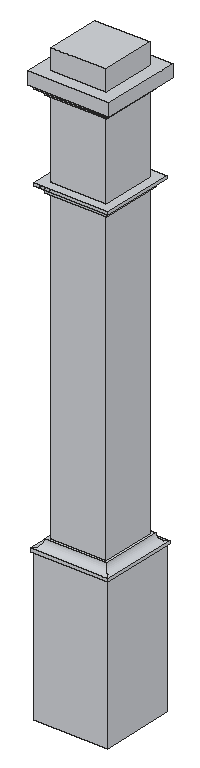
Revit family "기둥 - 난간 기둥", category 난간동자, Revit 2026
Family settings
  항상 수직 = 예
  로드될 때 보이드를 사용하여 절단 = 아니오
  공유 = 아니오
Parameters (values of type "150mm")
  w1 = 폭 / 2  # 75 mm
  built-in parameter 1008623 [instance] = (empty or 0)
  built-in parameter 1008625 [instance] = (empty or 0)
  기둥 재료 = none
  폭 = 150 mm
  Post = yes
  built-in parameter 1008624 [instance] = (empty or 0)
  built-in parameter 1008622 [instance] = 915 mm
Types (3, lengths in mm): name | w1 | 폭
  (no name) | 75 | 150
  100mm | 50 | 100
  150mm | 75 | 150
Reference planes
  plane 1 "중심(앞/뒤)": y = 0
  plane 2: z = 0
  plane 3 "중심(왼쪽/오른쪽)": x = 0
  plane 4 "상단": z = 915
  plane 5: z = 1219.8
  plane 6: x = -75
  plane 7: x = 75
  plane 8: y = -75
  plane 9: y = 75
  plane 10: z = 304.8
  plane 11: z = 975.325
  plane 12: z = 1178.525
Forms (mm)
  Extrusion 1, solid, material <- "기둥 재료"
    sketch origin (0, 0, 0) x (1, 0, 0) y (0, 1, 0)
      loop
        line (-75, 75) -> (-75, -75) -> (75, -75) -> (75, 75) -> (-75, 75)
    from 0 to 304.8
  Extrusion 2, solid, material <- "기둥 재료"
    sketch origin (0, 0, 0) x (1, 0, 0) y (0, 1, 0)
      loop
        line (-55.95, 55.95) -> (-55.95, -55.95) -> (55.95, -55.95) -> (55.95, 55.95) -> (-55.95, 55.95)
    from 304.8 to 1219.8
  Sweep 3, solid, material <- "기둥 재료"
    path origin (0, 0, 0) x (1, 0, 0) y (0, 1, 0)
      loop
        line (55.95, 55.95) -> (-55.95, 55.95) -> (-55.95, -55.95) -> (55.95, -55.95) -> (55.95, 55.95)
    profile origin (0, 0, 0) x (0, -1, 0) y (0, 0, 1)
      loop
        line (-55.95, 1178.525) -> (-81.35, 1178.525) -> (-81.35, 1153.125) -> (-55.95, 1153.125) -> (-55.95, 1178.525)
  Sweep 4, solid, material <- "기둥 재료"
    path origin (0, 0, 0) x (1, 0, 0) y (0, 1, 0)
      loop
        line (55.95, 55.95) -> (-55.95, 55.95) -> (-55.95, -55.95) -> (55.95, -55.95) -> (55.95, 55.95)
    profile origin (0, 0, 0) x (0, -1, 0) y (0, 0, 1)
      loop
        line (-55.95, 304.8) -> (-55.95, 327.025) -> (-62.3, 327.025)
        arc (-62.3, 327.025) -> (-66.95, 315.8) -> (-78.175, 311.15) r 15.875
        line (-78.175, 311.15) -> (-78.175, 304.8) -> (-55.95, 304.8)
      loop
        line (-55.95, 975.325) -> (-75, 975.325) -> (-75, 968.975)
        arc (-75, 968.975) -> (-66.02, 965.255) -> (-62.3, 956.275) r 12.7
        line (-62.3, 956.275) -> (-55.95, 956.275) -> (-55.95, 975.325)
      loop
        line (-75, 1153.125) -> (-75, 1146.775) -> (-62.3, 1146.775) -> (-62.3, 1134.075) -> (-55.95, 1134.075) -> (-55.95, 1153.125) -> (-75, 1153.125)
Dimensions and locks
  "built-in parameter 1008622": plane 2 to plane 4 "상단"
  equal spacing: Extrusion 1 sketch curve, plane 3 "중심(왼쪽/오른쪽)", Extrusion 1 sketch curve
  equal spacing: Extrusion 1 sketch curve, plane 1 "중심(앞/뒤)", Extrusion 1 sketch curve
  "폭": Extrusion 1 sketch curve to Extrusion 1 sketch curve  (x2)
  "폭": plane 6 to plane 7
  "폭": plane 8 to plane 9
  equal spacing: plane 8, plane 1 "중심(앞/뒤)", plane 9
  equal spacing: plane 6, plane 3 "중심(왼쪽/오른쪽)", plane 7
  locked: plane 4 "상단" to plane 5 at 304.8
  locked: plane 6 to Extrusion 2 sketch curve at 19.05
  locked: Extrusion 2 sketch curve to plane 7 at 19.05
  locked: Extrusion 2 sketch curve to plane 8 at 19.05
  locked: Extrusion 2 sketch curve to plane 9 at 19.05
  locked: plane 12 to plane 5 at 41.275
  locked: plane 11 to plane 12 at 203.2
  locked: level to plane 10 at 304.8
  locked: Sweep 3 sketch curve to plane 12 at 25.4
  locked: Sweep 3 sketch curve to Extrusion 2 at 25.4
  locked: plane 10 to Sweep 4 sketch curve at 22.225
  locked: Sweep 4 sketch curve to Extrusion 2 at 22.225
  Sweep 4 sketch curve to plane 11 = 19.05 mm
  aligned and locked: Extrusion 1 to level
  aligned and locked: Extrusion 1 to plane 10
  aligned and locked: Extrusion 2 to Extrusion 1
  aligned and locked: Extrusion 2 to plane 5
  aligned and locked: Sweep 3 sketch curve to Extrusion 2  (x5)
  aligned and locked: Sweep 3 sketch curve to plane 12
  aligned and locked: Sweep 4 sketch curve to Extrusion 2  (x5)
  aligned and locked: Sweep 4 sketch curve to plane 10
  aligned and locked: Sweep 4 sketch curve to plane 11
  aligned and locked: Extrusion 2 to Sweep 4 sketch curve  (x2)
  aligned and locked: Sweep 4 sketch curve to plane 9
  aligned and locked: Sweep 3 to Sweep 4 sketch curve
Automatic sketch dimensions
  Sweep 4 sketch curve to Sweep 4 sketch curve = 19.05 mm  (x2)
  profile plane to Sweep 4 sketch curve = 6.35 mm
  Sweep 4 sketch curve to Sweep 4 sketch curve = 6.35 mm  (x3)
